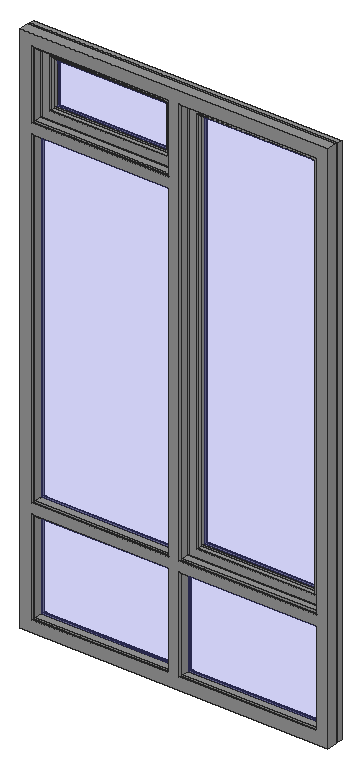
Revit family "MA2FS LH", category Windows, host Wall, Revit 2015
Parameters (values of type "MA2FS LH")
  Sash Height = 1461 mm
  Fanlight Height = 310 mm
  Height = 1814 mm
  Default Lintel Height = 2100 mm
  Wall Closure = By host
  Width = 1040 mm
Reference planes
  plane 1 "Center (Front/Back)": y = 0
  plane 2 "Center (Left/Right)": x = 0
  plane 3 "Left": x = -520
  plane 4 "Right": x = 520
  plane 5 "Sill": z = 286
  plane 6 "Head": z = 2100
  plane 7 "Exterior": y = 100
  plane 8 "Interior": y = -100
  plane 9: y = -28.5
  plane 10: y = 23.5
  plane 11: z = 1790
  plane 12: z = 639
Forms (mm)
  Sweep 1, solid, material "Lauan, Meranti"
    path origin (0, 100, 0) x (1, 0, 0) y (0, 0, 1)
      loop
        line (520, 2100) -> (-520, 2100) -> (-520, 286) -> (520, 286) -> (520, 2100)
    profile origin (0, 100, 2100) x (0, 0, -1) y (0, -1, 0)
      loop
        line (0, 71.5) -> (29, 71.5) -> (29, 96.5) -> (37.5, 96.5) -> (37.5, 102.5) -> (40.5, 102.5) -> (40.5, 96.5) -> (44, 96.5) -> (44, 122.5) -> (39, 122.5) -> (39, 128.5) -> (0, 128.5) -> (0, 94.5) -> (10, 94.5) -> (10, 86.5) -> (0, 86.5) -> (0, 71.5)
  Extrusion 2, solid, material "Lauan, Meranti"
    sketch origin (-22, 0, -1151) x (0, -1, 0) y (0, 0, 1)
      loop
        line (28.5, 1795) -> (28.5, 1829) -> (22.5, 1829) -> (22.5, 1834) -> (-3.5, 1834) -> (-3.5, 1830.5) -> (2.5, 1830.5) -> (2.5, 1827.5) -> (-3.5, 1827.5) -> (-3.5, 1819) -> (-28.5, 1819) -> (-28.5, 1805) -> (-3.5, 1805) -> (-3.5, 1796.5) -> (2.5, 1796.5) -> (2.5, 1793.5) -> (-3.5, 1793.5) -> (-3.5, 1790) -> (22.5, 1790) -> (22.5, 1795) -> (28.5, 1795)
    from -513 to 469
  Extrusion 3, solid, material "Lauan, Meranti"
    sketch origin (0, 0, 0) x (-1, 0, 0) y (0, -1, 0)
      loop
        line (22, 22.5) -> (17, 22.5) -> (17, 28.5) -> (-17, 28.5) -> (-17, 22.5) -> (-22, 22.5) -> (-22, -3.5) -> (-18.5, -3.5) -> (-18.5, 2.5) -> (-15.5, 2.5) -> (-15.5, -3.5) -> (-7, -3.5) -> (-7, -28.5) -> (7, -28.5) -> (7, -3.5) -> (15.5, -3.5) -> (15.5, 2.5) -> (18.5, 2.5) -> (18.5, -3.5) -> (22, -3.5) -> (22, 22.5)
    from 668 to 2071
  Extrusion 4, solid, material "Lauan, Meranti"
    sketch origin (22, 0, 0) x (0, -1, 0) y (0, 0, -1)
      loop
        line (28.5, -1795) -> (22.5, -1795) -> (22.5, -1790) -> (-3.5, -1790) -> (-3.5, -1793.5) -> (2.5, -1793.5) -> (2.5, -1796.5) -> (-3.5, -1796.5) -> (-3.5, -1805) -> (-28.5, -1805) -> (-28.5, -1819) -> (-3.5, -1819) -> (-3.5, -1827.5) -> (2.5, -1827.5) -> (2.5, -1830.5) -> (-3.5, -1830.5) -> (-3.5, -1834) -> (22.5, -1834) -> (22.5, -1829) -> (28.5, -1829) -> (28.5, -1795)
    from -513 to -29
  Sweep 5, solid, material "Rubber"
    path origin (-10500, 23.5, 2100) x (0, 0, -1) y (-1, 0, 0)
      loop
        line (29, -10991) -> (1432, -10991) -> (1432, -10507) -> (29, -10507) -> (29, -10991)
    profile origin (249, 23.5, 2071) x (0, 0, 1) y (0, 1, 0)
      loop
        line (-5, -20) -> (-5, -17) -> (-10, -15) -> (-15, -17) -> (-15, -20) -> (-11, -20) -> (-11, -22.43) -> (-12, -22.43) -> (-11, -22.698) -> (-11, -24.464) -> (-12, -24.464) -> (-10, -25) -> (-8, -24.464) -> (-9, -24.464) -> (-9, -22.698) -> (-8, -22.43) -> (-9, -22.43) -> (-9, -20) -> (-5, -20)
  Sweep 6, solid, material "Lauan, Meranti"
    path origin (-10500, 23.5, 2100) x (0, 0, -1) y (-1, 0, 0)
      loop
        line (29, -10991) -> (1432, -10991) -> (1432, -10507) -> (29, -10507) -> (29, -10991)
    profile origin (249, 23.5, 2071) x (0, 0, 1) y (0, 1, 0)
      loop
        line (5, 5) -> (5, 19)
        arc (5, 19) -> (3.242, 23.243) -> (-1, 25) r 6
        line (-1, 25) -> (-43, 25) -> (-43, 0) -> (-52, 0) -> (-52, -8) -> (-49, -8)
        arc (-49, -8) -> (-47.243, -12.243) -> (-43, -14) r 6
        line (-43, -14) -> (-43, -17) -> (-10, -17) -> (-10, -13) -> (-12, -13) -> (-12, -8) -> (-14, -7.464) -> (-14, -2.536) -> (-12, -2) -> (-12, 5) -> (5, 5)
  Extrusion 7, solid, material "Glass"
    sketch origin (-10500, 23.5, 2100) x (0, 0, -1) y (-1, 0, 0)
      loop
        line (72, -10948) -> (1388.989, -10948) -> (1388.989, -10550.014) -> (72, -10550.014) -> (72, -10948)
    from 0 to 6.4
  Sweep 8, solid, material "Lauan, Meranti"
    path origin (-10500, 23.5, 2100) x (0, 0, -1) y (-1, 0, 0)
      loop
        line (72.011, -10947.986) -> (1389, -10947.986) -> (1389, -10550) -> (72.011, -10550) -> (72.011, -10947.986)
    profile origin (248.993, 23.5, 2027.989) x (0, 0, 1) y (0, 1, 0)
      loop
        line (-7, 8.4) -> (-9, 8.4) -> (-9, 6.4) -> (0.011, 6.4) -> (0.011, 14.4)
        arc (0.011, 14.4) -> (-4.666, 12.769) -> (-7, 8.4) r 6.807
  Sweep 9, solid, material "Rubber"
    path origin (-10500, 23.5, 2100) x (0, 0, -1) y (-1, 0, 0)
      loop
        line (29, -10493) -> (281, -10493) -> (281, -10009) -> (29, -10009) -> (29, -10493)
    profile origin (-249, 23.5, 2071) x (0, 0, 1) y (0, 1, 0)
      loop
        line (-5, -17) -> (-10, -15) -> (-15, -17) -> (-15, -20) -> (-11, -20) -> (-11, -22.43) -> (-12, -22.43) -> (-11, -22.698) -> (-11, -24.464) -> (-12, -24.464) -> (-10, -25) -> (-8, -24.464) -> (-9, -24.464) -> (-9, -22.698) -> (-8, -22.43) -> (-9, -22.43) -> (-9, -20) -> (-5, -20) -> (-5, -17)
  Sweep 10, solid, material "Lauan, Meranti"
    path origin (-10500, 23.5, 2100) x (0, 0, -1) y (-1, 0, 0)
      loop
        line (29, -10493) -> (281, -10493) -> (281, -10009) -> (29, -10009) -> (29, -10493)
    profile origin (-249, 23.5, 2071) x (0, 0, 1) y (0, 1, 0)
      loop
        line (-43, 25) -> (-43, 0) -> (-52, 0) -> (-52, -8) -> (-49, -8)
        arc (-49, -8) -> (-47.243, -12.243) -> (-43, -14) r 6
        line (-43, -14) -> (-43, -17) -> (-10, -17) -> (-10, -13) -> (-12, -13) -> (-12, -8) -> (-14, -7.464) -> (-14, -2.536) -> (-12, -2) -> (-12, 5) -> (5, 5) -> (5, 19)
        arc (5, 19) -> (3.242, 23.243) -> (-1, 25) r 6
        line (-1, 25) -> (-43, 25)
  Extrusion 11, solid, material "Glass"
    sketch origin (-10500, 23.5, 2100) x (0, 0, -1) y (-1, 0, 0)
      loop
        line (72.011, -10449.986) -> (238, -10449.986) -> (238, -10052) -> (72.011, -10052) -> (72.011, -10449.986)
    from 0 to 6.4
  Sweep 12, solid, material "Lauan, Meranti"
    path origin (-10500, 23.5, 2100) x (0, 0, -1) y (-1, 0, 0)
      loop
        line (72.011, -10449.986) -> (237.989, -10449.986) -> (237.989, -10052.014) -> (72.011, -10052.014) -> (72.011, -10449.986)
    profile origin (-249, 23.5, 2027.989) x (0, 0, 1) y (0, 1, 0)
      loop
        line (-7, 8.4) -> (-9, 8.4) -> (-9, 6.4) -> (0.011, 6.4) -> (0.011, 14.4)
        arc (0.011, 14.4) -> (-4.666, 12.769) -> (-7, 8.4) r 6.807
  Extrusion 13, solid, material "Lauan, Meranti"
    sketch origin (0, 0, -1432) x (-1, 0, 0) y (0, -1, 0)
      loop
        line (22, 22.5) -> (17, 22.5) -> (17, 28.5) -> (-17, 28.5) -> (-17, 22.5) -> (-22, 22.5) -> (-22, -3.5) -> (-18.5, -3.5) -> (-18.5, 2.5) -> (-15.5, 2.5) -> (-15.5, -3.5) -> (-7, -3.5) -> (-7, -28.5) -> (7, -28.5) -> (7, -3.5) -> (15.5, -3.5) -> (15.5, 2.5) -> (18.5, 2.5) -> (18.5, -3.5) -> (22, -3.5) -> (22, 22.5)
    from 1747 to 2086
  Extrusion 14, solid, material "Glass"
    sketch origin (-10500, 3.5, 2100) x (0, 0, -1) y (-1, 0, 0)
      loop
        line (295, -10493) -> (1432, -10493) -> (1432, -10009) -> (295, -10009) -> (295, -10493)
      loop
        line (1446, -10991) -> (1785, -10991) -> (1785, -10507) -> (1446, -10507) -> (1446, -10991)
      loop
        line (1446, -10493) -> (1785, -10493) -> (1785, -10009) -> (1446, -10009) -> (1446, -10493)
    from 0 to 6.4
  Sweep 15, solid, material "Lauan, Meranti"
    path origin (-10500, 23.5, 2100) x (0, 0, -1) y (-1, 0, 0)
      loop
        line (295, -10493) -> (1432, -10493) -> (1432, -10009) -> (295, -10009) -> (295, -10493)
    profile origin (-249, 23.5, 1805) x (0, 0, 1) y (0, 1, 0)
      loop
        line (0, 1.4) -> (-3, 1.4)
        arc (-3, 1.4) -> (-10.071, -1.529) -> (-13, -8.6) r 10
        line (-13, -8.6) -> (-15, -8.6) -> (-15, -13.6) -> (0, -13.6) -> (0, 1.4)
  Sweep 16, solid, material "Lauan, Meranti"
    path origin (-10500, 23.5, 2100) x (0, 0, -1) y (-1, 0, 0)
      loop
        line (1446, -10991) -> (1785, -10991) -> (1785, -10507) -> (1446, -10507) -> (1446, -10991)
    profile origin (249, 23.5, 654) x (0, 0, 1) y (0, 1, 0)
      loop
        line (0, 1.4) -> (-3, 1.4)
        arc (-3, 1.4) -> (-10.071, -1.529) -> (-13, -8.6) r 10
        line (-13, -8.6) -> (-15, -8.6) -> (-15, -13.6) -> (0, -13.6) -> (0, 1.4)
  Sweep 17, solid, material "Lauan, Meranti"
    path origin (-10500, 23.5, 2100) x (0, 0, -1) y (-1, 0, 0)
      loop
        line (1446, -10493) -> (1785, -10493) -> (1785, -10009) -> (1446, -10009) -> (1446, -10493)
    profile origin (-249, 23.5, 654) x (0, 0, 1) y (0, 1, 0)
      loop
        line (0, 1.4) -> (-3, 1.4)
        arc (-3, 1.4) -> (-10.071, -1.529) -> (-13, -8.6) r 10
        line (-13, -8.6) -> (-15, -8.6) -> (-15, -13.6) -> (0, -13.6) -> (0, 1.4)
Cuts and joins
  joined: Sweep 1, Extrusion 2, Extrusion 3, Extrusion 4, Extrusion 13, Sweep 15
Lines and regions (mm)
  Opening 1
    outline origin (3500, -100, 0) x (1, 0, 0) y (0, 0, 1)
      loop
        line (-2980, 286) -> (-2980, 2100) -> (-4020, 2100) -> (-4020, 286) -> (-2980, 286)
  model lines
    curve 1: line (2, 48.5, 1369.5) -> (496, 48.5, 2075.936)
    curve 2: line (2, 48.5, 1369.5) -> (496.093, 48.5, 662.93)
    curve 3: line (-249, 48.5, 1814) -> (-2, 48.5, 2076)
    curve 4: line (-496, 48.5, 2076) -> (-249, 48.5, 1814)
Text (mm)
  text "EXTERIOR" at (-1963.203, 1332.353, 0), in view "Ref. Level"
  text "INTERIOR" at (-1981.466, -818.386, 0), in view "Ref. Level"
  text "Exterior" at (0, 923.751, 2943.296), in view "Right"
  text "Exterior" at (0, 1040.484, 2685.409), in view "Left"
Dimensions and locks
  equal spacing: plane 3 "Left", plane 2 "Center (Left/Right)", plane 4 "Right"
  "Width": plane 3 "Left" to plane 4 "Right"
  "Height": plane 5 "Sill" to plane 6 "Head"
  "Default Lintel Height": plane 6 "Head" to level
  locked: plane 7 "Exterior" to host wall at 0
  locked: plane 8 "Interior" to host wall
  locked: plane 10 to plane 9 at 52
  "Fanlight Height": plane 11 to plane 6 "Head"
  "Sash Height": plane 12 to plane 6 "Head"
  equal spacing: Extrusion 3, Sweep 5 sketch curve, plane 2 "Center (Left/Right)"
  equal spacing: Extrusion 3, Sweep 6 sketch curve, plane 2 "Center (Left/Right)"
  Extrusion 7 sketch curve to Extrusion 7 sketch curve to Extrusion 3 = 397.986 mm, 28.014 mm
  aligned and locked: Sweep 1 sketch curve to host wall  (x4)
  aligned and locked: Extrusion 2 to Sweep 1
  aligned and locked: Extrusion 3 to Sweep 1
  aligned and locked: Extrusion 3 to Extrusion 2
  aligned and locked: Sweep 1 to Sweep 5 sketch curve
  aligned and locked: Sweep 5 sketch curve to Extrusion 3  (x2)
  aligned and locked: Sweep 6 sketch curve to Sweep 1
  aligned and locked: Sweep 1 to Sweep 6 sketch curve
  aligned and locked: Sweep 6 sketch curve to Extrusion 3
  aligned and locked: Extrusion 7 sketch curve to Sweep 6  (x2)
  aligned and locked: Sweep 8 sketch curve to Sweep 6  (x3)
  aligned and locked: Sweep 6 to Sweep 8 sketch curve
  aligned and locked: Sweep 9 sketch curve to Extrusion 3
  aligned and locked: Extrusion 3 to Sweep 9 sketch curve
  aligned and locked: Sweep 9 sketch curve to Extrusion 4  (x2)
  aligned and locked: Sweep 10 sketch curve to Extrusion 3
  aligned and locked: Extrusion 3 to Sweep 10 sketch curve
  aligned and locked: Sweep 10 sketch curve to Extrusion 4  (x2)
  aligned and locked: Extrusion 11 sketch curve to Sweep 10  (x3)
  aligned and locked: Sweep 10 to Extrusion 11 sketch curve
  aligned and locked: Sweep 12 sketch curve to Extrusion 11  (x2)
  aligned and locked: Sweep 12 sketch curve to Sweep 10  (x2)
  aligned and locked: Extrusion 13 to Sweep 1
  aligned and locked: Sweep 15 sketch curve to Extrusion 4
  aligned and locked: Sweep 15 sketch curve to Extrusion 14  (x2)
  aligned and locked: Sweep 15 sketch curve to Extrusion 2
  aligned and locked: Sweep 16 sketch curve to Extrusion 2
  aligned and locked: Sweep 16 sketch curve to Extrusion 14  (x2)
  aligned and locked: Sweep 16 sketch curve to Extrusion 13
  aligned and locked: Sweep 17 sketch curve to Extrusion 14
  aligned and locked: Sweep 17 sketch curve to Extrusion 13
  aligned and locked: Sweep 17 sketch curve to Sweep 1
  aligned and locked: Sweep 1 to Sweep 17 sketch curve
Automatic sketch dimensions
  plane 3 "Left" to Opening 1 sketch curve = 0 mm
  plane 4 "Right" to Opening 1 sketch curve = 0 mm
  Opening 1 sketch curve to plane 5 "Sill" = 0 mm
  Opening 1 sketch curve to plane 6 "Head" = 0 mm
  Sweep 1 sketch curve to profile plane = 0 mm  (x2)
  Sweep 1 sketch curve to profile plane = 10 mm
  Sweep 1 sketch curve to Sweep 1 sketch curve = 19 mm
  Sweep 1 sketch curve to Sweep 1 sketch curve = 8.5 mm
  Sweep 1 sketch curve to Sweep 1 sketch curve = 1.5 mm
  Sweep 1 sketch curve to Sweep 1 sketch curve = 3 mm
  Sweep 1 sketch curve to Sweep 1 sketch curve = 3.5 mm
  plane 7 "Exterior" to Sweep 1 sketch curve = 71.5 mm
  Sweep 1 sketch curve to Sweep 1 sketch curve = 15 mm
  Sweep 1 sketch curve to Sweep 1 sketch curve = 8 mm
  Sweep 1 sketch curve to Sweep 1 sketch curve = 25 mm
  Sweep 1 sketch curve to Sweep 1 sketch curve = 0 mm
  Sweep 1 sketch curve to Sweep 1 sketch curve = 6 mm
  Sweep 1 sketch curve to Sweep 1 sketch curve = 20 mm
  Sweep 1 sketch curve to Sweep 1 sketch curve = 34 mm
  plane 11 to curve 3 = 24 mm
  plane 2 "Center (Left/Right)" to curve 3 = 249 mm
  curve 1 to plane 2 "Center (Left/Right)" = 2 mm
  curve 2 to plane 11 = 420.5 mm
  curve 4 to plane 3 "Left" = 24 mm
  plane 2 "Center (Left/Right)" to curve 3 = 2 mm
  plane 4 "Right" to curve 1 = 24 mm
  plane 4 "Right" to curve 2 = 23.907 mm
  plane 12 to curve 2 = 23.93 mm
  plane 6 "Head" to curve 1 = 24.064 mm
  plane 6 "Head" to curve 4 = 24 mm
  plane 6 "Head" to curve 3 = 24 mm
  Extrusion 2 sketch curve to plane 12 = 0 mm
  Extrusion 2 sketch curve to plane 9 = 0 mm
  plane 9 to Extrusion 2 sketch curve = 6 mm  (x2)
  host wall to Extrusion 2 sketch curve = 2.5 mm  (x2)
  Extrusion 2 sketch curve to host wall = 3.5 mm  (x3)
  Extrusion 2 sketch curve to Extrusion 2 sketch curve = 0 mm
  plane 10 to Extrusion 2 sketch curve = 5 mm
  plane 12 to Extrusion 2 sketch curve = 3.5 mm
  Extrusion 2 sketch curve to Extrusion 2 sketch curve = 5 mm  (x2)
  Extrusion 2 sketch curve to Extrusion 2 sketch curve = 3 mm  (x2)
  plane 12 to Extrusion 2 sketch curve = 15 mm
  Extrusion 2 sketch curve to Extrusion 2 sketch curve = 14 mm
  Extrusion 2 sketch curve to Extrusion 2 sketch curve = 8.5 mm
  Extrusion 2 sketch curve to Extrusion 2 sketch curve = 1.5 mm
  Extrusion 3 sketch curve to plane 9 = 0 mm
  Extrusion 3 sketch curve to host wall = 3.5 mm  (x3)
  Extrusion 3 sketch curve to plane 2 "Center (Left/Right)" = 22 mm
  host wall to Extrusion 3 sketch curve = 2.5 mm  (x2)
  Extrusion 3 sketch curve to Extrusion 3 sketch curve = 3.5 mm  (x2)
  Extrusion 3 sketch curve to Extrusion 3 sketch curve = 5 mm
  Extrusion 3 sketch curve to Extrusion 3 sketch curve = 3 mm  (x2)
  Extrusion 3 sketch curve to plane 2 "Center (Left/Right)" = 7 mm
  plane 2 "Center (Left/Right)" to Extrusion 3 sketch curve = 7 mm
  Extrusion 3 sketch curve to Extrusion 3 sketch curve = 8.5 mm
  plane 2 "Center (Left/Right)" to Extrusion 3 sketch curve = 17 mm
  Extrusion 3 sketch curve to Extrusion 3 sketch curve = 0 mm
  plane 10 to Extrusion 3 sketch curve = 5 mm
  plane 9 to Extrusion 3 sketch curve = 6 mm  (x2)
  Extrusion 4 sketch curve to plane 11 = 0 mm
  Extrusion 4 sketch curve to plane 9 = 0 mm
  plane 9 to Extrusion 4 sketch curve = 6 mm  (x2)
  host wall to Extrusion 4 sketch curve = 2.5 mm  (x2)
  Extrusion 4 sketch curve to host wall = 3.5 mm  (x3)
  Extrusion 4 sketch curve to Extrusion 4 sketch curve = 0 mm
  plane 10 to Extrusion 4 sketch curve = 5 mm
  plane 11 to Extrusion 4 sketch curve = 3.5 mm
  plane 11 to Extrusion 4 sketch curve = 5 mm
  Extrusion 4 sketch curve to Extrusion 4 sketch curve = 3 mm  (x2)
  Extrusion 4 sketch curve to Extrusion 4 sketch curve = 8.5 mm  (x2)
  Extrusion 4 sketch curve to Extrusion 4 sketch curve = 14 mm
  Extrusion 4 sketch curve to Extrusion 4 sketch curve = 1.5 mm
  Extrusion 4 sketch curve to Extrusion 4 sketch curve = 5 mm
  plane 6 "Head" to Sweep 5 sketch curve = 29 mm
  profile plane to Sweep 5 sketch curve = 15 mm
  Sweep 5 sketch curve to Sweep 5 sketch curve = 3 mm  (x3)
  Sweep 5 sketch curve to Sweep 5 sketch curve = 0 mm
  Sweep 5 sketch curve to Sweep 5 sketch curve = 1 mm  (x7)
  Sweep 5 sketch curve to Sweep 5 sketch curve = 2 mm
  Sweep 5 sketch curve to Sweep 5 sketch curve = 4 mm
  Sweep 5 sketch curve to plane 10 = 25 mm
  Sweep 5 sketch curve to Sweep 5 sketch curve = 0.536 mm  (x2)
  Sweep 5 sketch curve to Sweep 5 sketch curve = 1.766 mm  (x2)
  Sweep 5 sketch curve to Sweep 5 sketch curve = 0.268 mm  (x2)
  Sweep 5 sketch curve to Sweep 5 sketch curve = 2.43 mm  (x2)
  Sweep 5 sketch curve to Sweep 5 sketch curve = 5 mm
  Sweep 6 sketch curve to plane 2 "Center (Left/Right)" = 7 mm
  Sweep 6 sketch curve to plane 10 = 0 mm
  Sweep 6 sketch curve to plane 10 = 8 mm
  profile plane to Sweep 6 sketch curve = 52 mm
  Sweep 6 sketch curve to Sweep 6 sketch curve = 3 mm
  Sweep 6 sketch curve to Sweep 6 sketch curve = 9 mm
  Sweep 6 sketch curve to Sweep 6 sketch curve = 6 mm
  Sweep 6 sketch curve to plane 10 = 2.536 mm
  profile plane to Sweep 6 sketch curve = 14 mm
  Sweep 6 sketch curve to Sweep 6 sketch curve = 2 mm  (x3)
  profile plane to Sweep 6 sketch curve = 1 mm
  Sweep 6 sketch curve to profile plane = 5 mm
  Sweep 6 sketch curve to Sweep 6 sketch curve = 14.464 mm
  Sweep 6 sketch curve to Sweep 6 sketch curve = 4 mm
  Sweep 6 sketch curve to Sweep 6 sketch curve = 5 mm
  Sweep 6 sketch curve to Sweep 6 sketch curve = 0.536 mm
  Sweep 6 sketch curve to plane 10 = 2 mm
  plane 10 to Sweep 6 sketch curve = 5 mm
  Sweep 6 sketch curve to Sweep 6 sketch curve = 14 mm
  profile plane to Sweep 8 sketch curve = 9 mm
  Sweep 8 sketch curve to Sweep 8 sketch curve = 2 mm  (x2)
  profile plane to Sweep 8 sketch curve = 0.241 mm
  Sweep 8 sketch curve to profile plane = 0.011 mm
  plane 10 to Sweep 8 sketch curve = 6.4 mm
  Sweep 8 sketch curve to Sweep 8 sketch curve = 1.197 mm
  profile plane to Sweep 9 sketch curve = 15 mm
  Sweep 9 sketch curve to Sweep 9 sketch curve = 3 mm  (x3)
  Sweep 9 sketch curve to Sweep 9 sketch curve = 0 mm  (x2)
  Sweep 9 sketch curve to Sweep 9 sketch curve = 1 mm  (x7)
  Sweep 9 sketch curve to Sweep 9 sketch curve = 2 mm
  Sweep 9 sketch curve to Sweep 9 sketch curve = 4 mm
  Sweep 9 sketch curve to plane 10 = 25 mm
  Sweep 9 sketch curve to Sweep 9 sketch curve = 0.536 mm  (x2)
  Sweep 9 sketch curve to Sweep 9 sketch curve = 1.766 mm  (x2)
  Sweep 9 sketch curve to Sweep 9 sketch curve = 0.268 mm  (x2)
  Sweep 9 sketch curve to Sweep 9 sketch curve = 2.43 mm
  Sweep 9 sketch curve to Sweep 9 sketch curve = 5 mm
  Sweep 10 sketch curve to plane 10 = 0 mm
  profile plane to Sweep 10 sketch curve = 52 mm
  Sweep 10 sketch curve to Sweep 10 sketch curve = 3 mm
  Sweep 10 sketch curve to Sweep 10 sketch curve = 9 mm
  Sweep 10 sketch curve to Sweep 10 sketch curve = 6 mm
  profile plane to Sweep 10 sketch curve = 14 mm
  Sweep 10 sketch curve to Sweep 10 sketch curve = 2 mm  (x3)
  profile plane to Sweep 10 sketch curve = 1 mm
  Sweep 10 sketch curve to profile plane = 5 mm
  Sweep 10 sketch curve to plane 10 = 2 mm
  Sweep 10 sketch curve to Sweep 10 sketch curve = 0.536 mm  (x2)
  Sweep 10 sketch curve to Sweep 10 sketch curve = 4.928 mm
  Sweep 10 sketch curve to Sweep 10 sketch curve = 8 mm
  Sweep 10 sketch curve to Sweep 10 sketch curve = 5 mm
  Sweep 10 sketch curve to Sweep 10 sketch curve = 4 mm
  plane 10 to Sweep 10 sketch curve = 5 mm
  Sweep 10 sketch curve to Sweep 10 sketch curve = 14 mm
  profile plane to Sweep 12 sketch curve = 9 mm
  Sweep 12 sketch curve to Sweep 12 sketch curve = 2 mm  (x2)
  profile plane to Sweep 12 sketch curve = 0.241 mm
  Sweep 12 sketch curve to profile plane = 0.011 mm
  plane 10 to Sweep 12 sketch curve = 6.4 mm
  Sweep 12 sketch curve to Sweep 12 sketch curve = 1.197 mm
  Extrusion 13 sketch curve to plane 9 = 0 mm
  Extrusion 13 sketch curve to host wall = 3.5 mm  (x3)
  Extrusion 13 sketch curve to plane 2 "Center (Left/Right)" = 22 mm
  host wall to Extrusion 13 sketch curve = 2.5 mm  (x2)
  Extrusion 13 sketch curve to Extrusion 13 sketch curve = 3.5 mm  (x2)
  Extrusion 13 sketch curve to Extrusion 13 sketch curve = 5 mm
  Extrusion 13 sketch curve to Extrusion 13 sketch curve = 3 mm  (x2)
  Extrusion 13 sketch curve to plane 2 "Center (Left/Right)" = 7 mm
  plane 2 "Center (Left/Right)" to Extrusion 13 sketch curve = 7 mm
  Extrusion 13 sketch curve to Extrusion 13 sketch curve = 8.5 mm
  plane 2 "Center (Left/Right)" to Extrusion 13 sketch curve = 17 mm
  Extrusion 13 sketch curve to Extrusion 13 sketch curve = 0 mm
  plane 10 to Extrusion 13 sketch curve = 5 mm
  plane 9 to Extrusion 13 sketch curve = 6 mm  (x2)
  plane 11 to Extrusion 14 sketch curve = 15 mm
  plane 2 "Center (Left/Right)" to Extrusion 14 sketch curve = 7 mm  (x2)
  plane 12 to Extrusion 14 sketch curve = 29 mm
  plane 12 to Extrusion 14 sketch curve = 15 mm
  Extrusion 14 sketch curve to Extrusion 14 sketch curve = 14 mm
  Extrusion 14 sketch curve to plane 2 "Center (Left/Right)" = 7 mm
  Extrusion 14 sketch curve to plane 5 "Sill" = 29 mm
  Extrusion 14 sketch curve to Extrusion 14 sketch curve = 0 mm
  plane 4 "Right" to Extrusion 14 sketch curve = 29 mm
  Extrusion 14 sketch curve to plane 3 "Left" = 29 mm  (x2)
  Sweep 15 sketch curve to plane 10 = 8.6 mm
  profile plane to Sweep 15 sketch curve = 15 mm
  Sweep 15 sketch curve to Sweep 15 sketch curve = 2 mm
  plane 10 to Sweep 15 sketch curve = 1.4 mm
  Sweep 15 sketch curve to profile plane = 0 mm
  Sweep 15 sketch curve to Sweep 15 sketch curve = 5 mm
  Sweep 16 sketch curve to plane 10 = 8.6 mm
  profile plane to Sweep 16 sketch curve = 15 mm
  Sweep 16 sketch curve to Sweep 16 sketch curve = 2 mm
  plane 10 to Sweep 16 sketch curve = 1.4 mm
  Sweep 16 sketch curve to profile plane = 0 mm
  Sweep 16 sketch curve to Sweep 16 sketch curve = 5 mm
  profile plane to Sweep 17 sketch curve = 3 mm
  Sweep 17 sketch curve to plane 10 = 8.6 mm
  Sweep 17 sketch curve to Sweep 17 sketch curve = 2 mm
  Sweep 17 sketch curve to Sweep 17 sketch curve = 5 mm
  Sweep 17 sketch curve to profile plane = 0 mm
  plane 10 to Sweep 17 sketch curve = 1.4 mm
